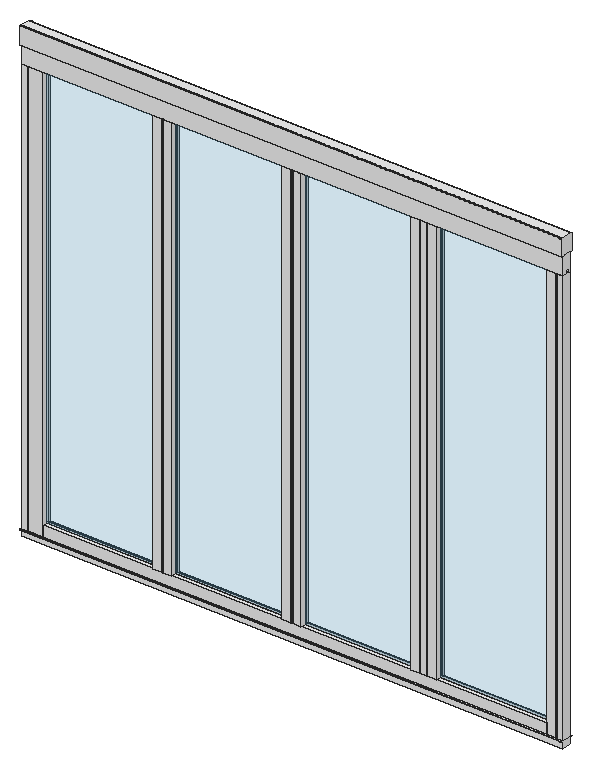
Revit family "Window-NanaWall-HSW-60", category Windows, host Wall, Revit 2013 (continued)
Definition of nested family "Header_HSW60"
  Definition of nested family "Headtop_HSW60"
    Lines and regions (in)
      model lines, style "DetailComponents", in view "Ref. Level"
        curve 180: arc (0.61133, -1.40014, 0) -> (0.63443, -1.45591, 0) -> (0.69021, -1.47902, 0) r 0.07888
        curve 181: arc (0.84797, -1.4593, 0) -> (0.83064, -1.41746, 0) -> (0.78881, -1.40014, 0) r 0.05916
        curve 182: arc (0.77051, -1.12405, 0) -> (0.83548, -1.24796, 0) -> (0.96629, -1.29759, 0) r 0.1972
        curve 183: arc (0.63747, -2.81967, 0) -> (0.61183, -2.83232, 0) -> (0.60147, -2.85896, 0) r 0.03944
        curve 184: arc (0.60147, -2.87915, 0) -> (0.60724, -2.8931, 0) -> (0.62119, -2.89887, 0) r 0.01972
        curve 185: arc (0.63747, -3.45072, 0) -> (0.61183, -3.46336, 0) -> (0.60147, -3.49001, 0) r 0.03944
        curve 186: arc (0.60147, -3.56936, 0) -> (0.60724, -3.58331, 0) -> (0.62119, -3.58908, 0) r 0.01972
        curve 187: arc (0.46985, -4.13144, 0) -> (0.44421, -4.14408, 0) -> (0.43385, -4.17073, 0) r 0.03944
        curve 188: arc (1.26209, -4.35817, 0) -> (1.27604, -4.35239, 0) -> (1.28181, -4.33845, 0) r 0.01972
        curve 189: arc (0.84797, -4.27929, 0) -> (0.71979, -4.20041, 0) -> (0.59161, -4.27929, 0) r 0.14359
        curve 190: arc (0.43385, -4.47649, 0) -> (0.4454, -4.50438, 0) -> (0.47329, -4.51593, 0) r 0.03944
        curve 191: line (-1.24237, -0.60799, 0) -> (-1.24237, -0.56005, 0)
        curve 192: line (-1.24237, -0.56005, 0) -> (-1.26209, -0.56005, 0)
        curve 193: line (-1.41789, -0.41135, 0) -> (-1.41986, -0.43385, 0)
        curve 194: line (-1.41986, -0.43385, 0) -> (-1.51057, -0.43385, 0)
        curve 195: line (-1.51057, -0.43385, 0) -> (-1.51057, -0.26622, 0)
        curve 196: line (-1.51057, -0.26622, 0) -> (-1.28181, -0.26622, 0)
        curve 197: line (-1.28181, -0.26622, 0) -> (-1.28181, -0.36285, 0)
        curve 198: line (-1.14984, -0.40676, 0) -> (-1.2359, -0.32341, 0)
        curve 199: line (-1.2359, -0.32341, 0) -> (-1.24237, -0.32341, 0)
        curve 200: line (-1.24237, -0.32341, 0) -> (-1.24237, -0.38257, 0)
        curve 201: line (-1.24237, -0.38257, 0) -> (-1.26209, -0.38257, 0)
        curve 202: line (-1.28181, -0.57977, 0) -> (-1.28181, -0.66063, 0)
        curve 203: line (-1.28181, -0.66063, 0) -> (-1.51057, -0.66063, 0)
        curve 204: line (-1.51057, -0.66063, 0) -> (-1.51057, -0.49301, 0)
        curve 205: line (-1.51057, -0.49301, 0) -> (-1.41986, -0.49301, 0)
        curve 206: line (-1.41986, -0.49301, 0) -> (-1.41789, -0.5155, 0)
        curve 207: line (-1.40443, -0.52037, 0) -> (-1.35624, -0.47176, 0)
        curve 208: line (-1.35624, -0.4551, 0) -> (-1.40443, -0.40649, 0)
        curve 209: line (-1.23846, -0.60592, 0) -> (-1.14984, -0.52009, 0)
        curve 210: line (1.24237, -0.60799, 0) -> (1.24237, -0.56005, 0)
        curve 211: line (1.24237, -0.56005, 0) -> (1.26209, -0.56005, 0)
        curve 212: line (1.41789, -0.41135, 0) -> (1.41986, -0.43385, 0)
        curve 213: line (1.41986, -0.43385, 0) -> (1.51057, -0.43385, 0)
        curve 214: line (1.51057, -0.43385, 0) -> (1.51057, -0.26622, 0)
        curve 215: line (1.51057, -0.26622, 0) -> (1.28181, -0.26622, 0)
        curve 216: line (1.28181, -0.26622, 0) -> (1.28181, -0.36285, 0)
        curve 217: line (1.14984, -0.40676, 0) -> (1.2359, -0.32341, 0)
        curve 218: line (1.2359, -0.32341, 0) -> (1.24237, -0.32341, 0)
        curve 219: line (1.24237, -0.32341, 0) -> (1.24237, -0.38257, 0)
        curve 220: line (1.24237, -0.38257, 0) -> (1.26209, -0.38257, 0)
        curve 221: line (1.28181, -0.57977, 0) -> (1.28181, -0.66063, 0)
        curve 222: line (1.28181, -0.66063, 0) -> (1.51057, -0.66063, 0)
        curve 223: line (1.51057, -0.66063, 0) -> (1.51057, -0.49301, 0)
        curve 224: line (1.51057, -0.49301, 0) -> (1.41986, -0.49301, 0)
        curve 225: line (1.41986, -0.49301, 0) -> (1.41789, -0.5155, 0)
        curve 226: line (1.40443, -0.52037, 0) -> (1.35624, -0.47176, 0)
        curve 227: line (1.35624, -0.4551, 0) -> (1.40443, -0.40649, 0)
        curve 228: line (1.23846, -0.60592, 0) -> (1.14984, -0.52009, 0)
        curve 229: line (1.40445, -4.15004, 0) -> (1.35625, -4.19854, 0)
        curve 230: line (1.35625, -4.21522, 0) -> (1.40445, -4.26371, 0)
        curve 231: line (1.4179, -4.25884, 0) -> (1.41986, -4.23646, 0)
        curve 232: line (1.41986, -4.23646, 0) -> (1.51057, -4.23646, 0)
        curve 233: line (1.51057, -4.23646, 0) -> (1.51057, -4.51254, 0)
        curve 234: line (1.53029, -4.53226, 0) -> (1.5579, -4.53226, 0)
        curve 235: line (1.57762, -4.51254, 0) -> (1.57762, -0.15437, 0)
        curve 236: line (1.5579, -0.13465, 0) -> (1.53029, -0.13465, 0)
        curve 237: line (1.51057, -0.15437, 0) -> (1.51057, -0.43045, 0)
        curve 238: line (1.51057, -0.43045, 0) -> (1.41986, -0.43045, 0)
        curve 239: line (1.41986, -0.43045, 0) -> (1.4179, -0.40807, 0)
        curve 240: line (1.40445, -0.4032, 0) -> (1.35625, -0.45169, 0)
        curve 241: line (1.35625, -0.46838, 0) -> (1.40445, -0.51687, 0)
        curve 242: line (1.4179, -0.51199, 0) -> (1.41986, -0.48961, 0)
        curve 243: line (1.41986, -0.48961, 0) -> (1.51057, -0.48961, 0)
        curve 244: line (1.51057, -0.48961, 0) -> (1.51057, -2.10239, 0)
        curve 245: line (1.51057, -2.10239, 0) -> (1.43447, -2.12278, 0)
        curve 246: line (1.41986, -2.14183, 0) -> (1.41986, -2.17767, 0)
        curve 247: line (1.42979, -2.18529, 0) -> (1.50064, -2.1663, 0)
        curve 248: line (1.51057, -2.17392, 0) -> (1.51057, -2.49299, 0)
        curve 249: line (1.50064, -2.50061, 0) -> (1.42979, -2.48163, 0)
        curve 250: line (1.41986, -2.48925, 0) -> (1.41986, -2.52508, 0)
        curve 251: line (1.43447, -2.54413, 0) -> (1.51057, -2.56452, 0)
        curve 252: line (1.51057, -2.56452, 0) -> (1.51057, -4.1773, 0)
        curve 253: line (1.51057, -4.1773, 0) -> (1.41986, -4.1773, 0)
        curve 254: line (1.41986, -4.1773, 0) -> (1.4179, -4.15492, 0)
        curve 255: line (-1.40445, -4.15004, 0) -> (-1.35625, -4.19854, 0)
        curve 256: line (-1.35625, -4.21522, 0) -> (-1.40445, -4.26371, 0)
        curve 257: line (-1.4179, -4.25884, 0) -> (-1.41986, -4.23646, 0)
        curve 258: line (-1.41986, -4.23646, 0) -> (-1.51057, -4.23646, 0)
        curve 259: line (-1.51057, -4.23646, 0) -> (-1.51057, -4.51254, 0)
        curve 260: line (-1.53029, -4.53226, 0) -> (-1.5579, -4.53226, 0)
        curve 261: line (-1.57762, -4.51254, 0) -> (-1.57762, -0.15437, 0)
        curve 262: line (-1.5579, -0.13465, 0) -> (-1.53029, -0.13465, 0)
        curve 263: line (-1.51057, -0.15437, 0) -> (-1.51057, -0.43045, 0)
        curve 264: line (-1.51057, -0.43045, 0) -> (-1.41986, -0.43045, 0)
        curve 265: line (-1.41986, -0.43045, 0) -> (-1.4179, -0.40807, 0)
        curve 266: line (-1.40445, -0.4032, 0) -> (-1.35625, -0.45169, 0)
        curve 267: line (-1.35625, -0.46838, 0) -> (-1.40445, -0.51687, 0)
        curve 268: line (-1.4179, -0.51199, 0) -> (-1.41986, -0.48961, 0)
        curve 269: line (-1.41986, -0.48961, 0) -> (-1.51057, -0.48961, 0)
        curve 270: line (-1.51057, -0.48961, 0) -> (-1.51057, -2.10239, 0)
        curve 271: line (-1.51057, -2.10239, 0) -> (-1.43447, -2.12278, 0)
        curve 272: line (-1.41986, -2.14183, 0) -> (-1.41986, -2.17767, 0)
        curve 273: line (-1.42979, -2.18529, 0) -> (-1.50064, -2.1663, 0)
        curve 274: line (-1.51057, -2.17392, 0) -> (-1.51057, -2.49299, 0)
        curve 275: line (-1.50064, -2.50061, 0) -> (-1.42979, -2.48163, 0)
        curve 276: line (-1.41986, -2.48925, 0) -> (-1.41986, -2.52508, 0)
        curve 277: line (-1.43447, -2.54413, 0) -> (-1.51057, -2.56452, 0)
        curve 278: line (-1.51057, -2.56452, 0) -> (-1.51057, -4.1773, 0)
        curve 279: line (-1.51057, -4.1773, 0) -> (-1.41986, -4.1773, 0)
        curve 280: line (-1.41986, -4.1773, 0) -> (-1.4179, -4.15492, 0)
        curve 281: line (-0.62513, -4.37, 0) -> (-0.62513, -4.3069, 0)
        curve 282: line (-0.62513, -4.3069, 0) -> (-0.61193, -4.30457, 0)
        curve 283: line (-1.28181, -4.35817, 0) -> (-1.28181, -4.25957, 0)
        curve 284: line (-1.28181, -4.25957, 0) -> (-1.19307, -4.25957, 0)
        curve 285: line (-1.19307, -4.16097, 0) -> (-1.28181, -4.16097, 0)
        curve 286: line (-1.28181, -4.16097, 0) -> (-1.29938, -4.02048, 0)
        curve 287: line (-0.82765, -4.30457, 0) -> (-0.81445, -4.3069, 0)
        curve 288: line (-0.81445, -4.3069, 0) -> (-0.81445, -4.37, 0)
        curve 289: line (-1.31894, -4.00321, 0) -> (-1.5086, -4.00321, 0)
        curve 290: line (-1.5086, -4.00321, 0) -> (-1.5086, -4.05251, 0)
        curve 291: line (-1.5086, -4.05251, 0) -> (-1.48956, -4.16045, 0)
        curve 292: line (-1.47014, -4.17674, 0) -> (-1.42577, -4.17674, 0)
        curve 293: line (-1.42183, -4.15505, 0) -> (-1.42183, -4.1728, 0)
        curve 294: line (-1.34705, -4.19437, 0) -> (-1.40927, -4.14869, 0)
        curve 295: line (-1.40927, -4.27184, 0) -> (-1.34705, -4.22617, 0)
        curve 296: line (-1.42183, -4.24774, 0) -> (-1.42183, -4.26549, 0)
        curve 297: line (-1.47014, -4.24379, 0) -> (-1.42577, -4.24379, 0)
        curve 298: line (-1.5086, -4.51593, 0) -> (-1.5086, -4.36803, 0)
        curve 299: line (-1.5086, -4.36803, 0) -> (-1.48956, -4.26009, 0)
        curve 300: line (-1.48888, -4.53565, 0) -> (-1.18321, -4.53565, 0)
        curve 301: line (-1.00573, -4.49621, 0) -> (-0.94657, -4.49621, 0)
        curve 302: line (-0.94657, -4.49621, 0) -> (-0.94657, -4.44494, 0)
        curve 303: line (-0.94657, -4.44494, 0) -> (-1.24237, -4.44494, 0)
        curve 304: line (-1.24237, -4.44494, 0) -> (-1.24237, -4.49621, 0)
        curve 305: line (-1.24237, -4.49621, 0) -> (-1.18321, -4.49621, 0)
        curve 306: line (-1.00573, -4.53565, 0) -> (-0.80793, -4.53565, 0)
        curve 307: line (-0.63105, -4.49621, 0) -> (-0.57189, -4.49621, 0)
        curve 308: line (-0.57189, -4.49621, 0) -> (-0.57189, -4.44494, 0)
        curve 309: line (-0.57189, -4.44494, 0) -> (-0.86769, -4.44494, 0)
        curve 310: line (-0.86769, -4.44494, 0) -> (-0.86769, -4.49621, 0)
        curve 311: line (-0.86769, -4.49621, 0) -> (-0.80853, -4.49621, 0)
        curve 312: line (-0.63105, -4.53565, 0) -> (-0.53047, -4.53565, 0)
        curve 313: line (-0.51075, -4.51593, 0) -> (-0.51075, -4.37789, 0)
        curve 314: line (-0.53047, -4.35817, 0) -> (-0.54625, -4.35817, 0)
        curve 315: line (-0.54625, -4.35817, 0) -> (-0.6151, -4.37759, 0)
        curve 316: line (-0.60892, -4.29024, 0) -> (-0.70883, -4.22345, 0)
        curve 317: line (-0.73075, -4.22345, 0) -> (-0.83066, -4.29024, 0)
        curve 318: line (-0.94488, -4.38606, 0) -> (-0.91699, -4.35817, 0)
        curve 319: line (-0.91699, -4.35817, 0) -> (-0.89333, -4.35817, 0)
        curve 320: line (-0.89333, -4.35817, 0) -> (-0.82448, -4.37759, 0)
        curve 321: line (-0.97277, -4.39761, 0) -> (-1.24237, -4.39761, 0)
        curve 322: line (-1.42972, -4.47649, 0) -> (-1.3607, -4.47649, 0)
        curve 323: line (-1.44944, -4.41733, 0) -> (-1.44944, -4.45677, 0)
        curve 324: line (-1.3607, -4.39761, 0) -> (-1.42972, -4.39761, 0)
        curve 325: line (-1.34098, -4.45677, 0) -> (-1.34098, -4.41733, 0)
        curve 326: line (-0.77501, -4.35817, 0) -> (-0.66457, -4.35817, 0)
        curve 327: line (-0.72417, -4.25701, 0) -> (-0.78289, -4.29627, 0)
        curve 328: line (-0.78289, -4.29627, 0) -> (-0.78289, -4.35028, 0)
        curve 329: line (-0.65668, -4.35028, 0) -> (-0.65668, -4.29627, 0)
        curve 330: line (-0.65668, -4.29627, 0) -> (-0.7154, -4.25701, 0)
        curve 331: line (0.62513, -4.37, 0) -> (0.62513, -4.3069, 0)
        curve 332: line (0.62513, -4.3069, 0) -> (0.61193, -4.30457, 0)
        curve 333: line (1.28181, -4.35817, 0) -> (1.28181, -4.25957, 0)
        curve 334: line (1.28181, -4.25957, 0) -> (1.19307, -4.25957, 0)
        curve 335: line (1.19307, -4.16097, 0) -> (1.28181, -4.16097, 0)
        curve 336: line (1.28181, -4.16097, 0) -> (1.29938, -4.02048, 0)
        curve 337: line (0.82765, -4.30457, 0) -> (0.81445, -4.3069, 0)
        curve 338: line (0.81445, -4.3069, 0) -> (0.81445, -4.37, 0)
        curve 339: line (1.31894, -4.00321, 0) -> (1.5086, -4.00321, 0)
        curve 340: line (1.5086, -4.00321, 0) -> (1.5086, -4.05251, 0)
        curve 341: line (1.5086, -4.05251, 0) -> (1.48956, -4.16045, 0)
        curve 342: line (1.47014, -4.17674, 0) -> (1.42577, -4.17674, 0)
        curve 343: line (1.42183, -4.15505, 0) -> (1.42183, -4.1728, 0)
        curve 344: line (1.34705, -4.19437, 0) -> (1.40927, -4.14869, 0)
        curve 345: line (1.40927, -4.27184, 0) -> (1.34705, -4.22617, 0)
        curve 346: line (1.42183, -4.24774, 0) -> (1.42183, -4.26549, 0)
        curve 347: line (1.47014, -4.24379, 0) -> (1.42577, -4.24379, 0)
        curve 348: line (1.5086, -4.51593, 0) -> (1.5086, -4.36803, 0)
        curve 349: line (1.5086, -4.36803, 0) -> (1.48956, -4.26009, 0)
        curve 350: line (1.48888, -4.53565, 0) -> (1.18321, -4.53565, 0)
        curve 351: line (1.00573, -4.49621, 0) -> (0.94657, -4.49621, 0)
        curve 352: line (0.94657, -4.49621, 0) -> (0.94657, -4.44494, 0)
        curve 353: line (0.94657, -4.44494, 0) -> (1.24237, -4.44494, 0)
        curve 354: line (1.24237, -4.44494, 0) -> (1.24237, -4.49621, 0)
        curve 355: line (1.24237, -4.49621, 0) -> (1.18321, -4.49621, 0)
        curve 356: line (1.00573, -4.53565, 0) -> (0.80789, -4.53565, 0)
        curve 357: line (0.63105, -4.49621, 0) -> (0.57189, -4.49621, 0)
        curve 358: line (0.57189, -4.49621, 0) -> (0.57189, -4.44494, 0)
        curve 359: line (0.57189, -4.44494, 0) -> (0.86769, -4.44494, 0)
        curve 360: line (0.86769, -4.44494, 0) -> (0.86769, -4.49621, 0)
        curve 361: line (0.86769, -4.49621, 0) -> (0.80853, -4.49621, 0)
        curve 362: line (0.6311, -4.53565, 0) -> (0.53047, -4.53565, 0)
        curve 363: line (0.51075, -4.51593, 0) -> (0.51075, -4.37789, 0)
        curve 364: line (0.53047, -4.35817, 0) -> (0.54625, -4.35817, 0)
        curve 365: line (0.54625, -4.35817, 0) -> (0.6151, -4.37759, 0)
        curve 366: line (0.60892, -4.29024, 0) -> (0.70883, -4.22345, 0)
        curve 367: line (0.73075, -4.22345, 0) -> (0.83066, -4.29024, 0)
        curve 368: line (0.94488, -4.38606, 0) -> (0.91699, -4.35817, 0)
        curve 369: line (0.91699, -4.35817, 0) -> (0.89333, -4.35817, 0)
        curve 370: line (0.89333, -4.35817, 0) -> (0.82448, -4.37759, 0)
        curve 371: line (0.97277, -4.39761, 0) -> (1.24237, -4.39761, 0)
        curve 372: line (1.42972, -4.47649, 0) -> (1.3607, -4.47649, 0)
        curve 373: line (1.44944, -4.41733, 0) -> (1.44944, -4.45677, 0)
        curve 374: line (1.3607, -4.39761, 0) -> (1.42972, -4.39761, 0)
        curve 375: line (1.34098, -4.45677, 0) -> (1.34098, -4.41733, 0)
        curve 376: line (0.77501, -4.35817, 0) -> (0.66457, -4.35817, 0)
        curve 377: line (0.72417, -4.25701, 0) -> (0.78289, -4.29627, 0)
        curve 378: line (0.78289, -4.29627, 0) -> (0.78289, -4.35028, 0)
        curve 379: line (0.65668, -4.35028, 0) -> (0.65668, -4.29627, 0)
        curve 380: line (0.65668, -4.29627, 0) -> (0.7154, -4.25701, 0)
        curve 381: line (-1.41986, -2.23486, 0) -> (-1.33309, -2.23486, 0)
        curve 382: line (-1.33309, -2.23486, 0) -> (-1.33309, -2.43206, 0)
        curve 383: line (-1.33309, -2.43206, 0) -> (-1.41986, -2.43206, 0)
        curve 384: line (-1.41986, -2.13625, 0) -> (-1.41986, -2.18879, 0)
        curve 385: line (-1.41986, -2.18879, 0) -> (-1.49085, -2.16976, 0)
        curve 386: line (-1.49085, -2.16976, 0) -> (-1.49085, -2.49715, 0)
        curve 387: line (-1.49085, -2.49715, 0) -> (-1.41986, -2.47813, 0)
        curve 388: line (-1.41986, -2.47813, 0) -> (-1.41986, -2.53066, 0)
        curve 389: line (-1.41986, -2.53066, 0) -> (-1.29365, -2.48472, 0)
        curve 390: line (-1.29365, -2.48472, 0) -> (-1.29365, -2.18219, 0)
        curve 391: line (-1.29365, -2.18219, 0) -> (-1.41986, -2.13625, 0)
        curve 392: line (-1.43958, -2.41234, 0) -> (-1.43958, -2.25458, 0)
        curve 393: line (1.41986, -2.23486, 0) -> (1.33309, -2.23486, 0)
        curve 394: line (1.33309, -2.23486, 0) -> (1.33309, -2.43206, 0)
        curve 395: line (1.33309, -2.43206, 0) -> (1.41986, -2.43206, 0)
        curve 396: line (1.41986, -2.13625, 0) -> (1.41986, -2.18879, 0)
        curve 397: line (1.41986, -2.18879, 0) -> (1.49085, -2.16976, 0)
        curve 398: line (1.49085, -2.16976, 0) -> (1.49085, -2.49715, 0)
        curve 399: line (1.49085, -2.49715, 0) -> (1.41986, -2.47813, 0)
        curve 400: line (1.41986, -2.47813, 0) -> (1.41986, -2.53066, 0)
        curve 401: line (1.41986, -2.53066, 0) -> (1.29365, -2.48472, 0)
        curve 402: line (1.29365, -2.48472, 0) -> (1.29365, -2.18219, 0)
        curve 403: line (1.29365, -2.18219, 0) -> (1.41986, -2.13625, 0)
        curve 404: line (1.43958, -2.41234, 0) -> (1.43958, -2.25458, 0)
        curve 405: line (-0.70243, -4.49621, 0) -> (-0.68728, -4.93006, 0)
        curve 406: line (-0.66773, -4.49621, 0) -> (-0.65257, -4.93006, 0)
        curve 407: line (-0.63302, -4.49621, 0) -> (-0.61787, -4.93006, 0)
        curve 408: line (-0.71979, -4.49621, 0) -> (-0.71979, -4.93006, 0)
        curve 409: line (-0.80656, -4.49621, 0) -> (-0.82171, -4.93006, 0)
        curve 410: line (-0.77185, -4.49621, 0) -> (-0.787, -4.93006, 0)
        curve 411: line (-0.73714, -4.49621, 0) -> (-0.75229, -4.93006, 0)
        curve 412: line (-0.86769, -4.44494, 0) -> (-0.86769, -4.49621, 0)
        curve 413: line (-0.86769, -4.49621, 0) -> (-0.57189, -4.49621, 0)
        curve 414: line (-0.57189, -4.49621, 0) -> (-0.57189, -4.44494, 0)
        curve 415: line (-0.57189, -4.44494, 0) -> (-0.86769, -4.44494, 0)
        curve 416: line (0.70167, -4.48949, 0) -> (0.69068, -4.92346, 0)
        curve 417: line (0.66696, -4.48982, 0) -> (0.65597, -4.92379, 0)
        curve 418: line (0.63226, -4.49015, 0) -> (0.62126, -4.92412, 0)
        curve 419: line (0.71902, -4.48932, 0) -> (0.72318, -4.92315, 0)
        curve 420: line (0.80579, -4.48849, 0) -> (0.82509, -4.92217, 0)
        curve 421: line (0.77108, -4.48882, 0) -> (0.79039, -4.9225, 0)
        curve 422: line (0.73637, -4.48915, 0) -> (0.75568, -4.92283, 0)
        curve 423: line (0.86643, -4.43663, 0) -> (0.86692, -4.4879, 0)
        curve 424: line (0.86692, -4.4879, 0) -> (0.57113, -4.49074, 0)
        curve 425: line (0.57113, -4.49074, 0) -> (0.57064, -4.43947, 0)
        curve 426: line (0.57064, -4.43947, 0) -> (0.86643, -4.43663, 0)
        curve 427: line (-0.19424, -2.08695, 0) -> (-0.19424, -1.49535, 0)
        curve 428: line (-0.19424, -1.49535, 0) -> (-0.19424, -2.08695, 0)
        curve 429: line (0.19424, -2.08695, 0) -> (0.19424, -1.49535, 0)
        curve 430: line (0.19424, -1.49535, 0) -> (0.19424, -2.08695, 0)
        curve 431: line (0.19326, -1.49535, 0) -> (0.12364, -1.49535, 0)
        curve 432: line (0.11832, -1.49535, 0) -> (-0.11832, -1.49535, 0)
        curve 433: line (-0.12357, -1.49535, 0) -> (-0.19326, -1.49535, 0)
        curve 434: line (-0.1972, -1.49535, 0) -> (-0.23664, -1.53479, 0)
        curve 435: line (-0.23664, -1.53479, 0) -> (-0.1972, -1.49535, 0)
        curve 436: line (0.23664, -2.08695, 0) -> (0.23664, -1.53479, 0)
        curve 437: line (0.23664, -1.53479, 0) -> (0.1972, -1.49535, 0)
        curve 438: line (0.1972, -1.49535, 0) -> (0.23664, -1.53479, 0)
        curve 439: line (0.23664, -1.53479, 0) -> (0.23664, -2.08695, 0)
        curve 440: line (-0.31552, -4.88723, 0) -> (-0.31552, -4.53226, 0)
        curve 441: line (-0.31552, -4.53226, 0) -> (-0.31552, -3.9801, 0)
        curve 442: line (-0.31552, -3.9801, 0) -> (-0.31552, -4.53226, 0)
        curve 443: line (-0.31552, -4.53226, 0) -> (-0.31552, -4.88723, 0)
        curve 444: line (0.31552, -4.88723, 0) -> (0.31552, -4.53226, 0)
        curve 445: line (0.31552, -4.53226, 0) -> (0.31552, -3.9801, 0)
        curve 446: line (0.31552, -3.9801, 0) -> (0.31552, -4.53226, 0)
        curve 447: line (0.31552, -4.53226, 0) -> (0.31552, -4.88723, 0)
        curve 448: line (-0.23664, -2.08695, 0) -> (-0.23664, -1.53479, 0)
        curve 449: line (-0.23664, -1.53479, 0) -> (-0.23664, -2.08695, 0)
        curve 450: line (-0.23664, -1.53479, 0) -> (0.23664, -1.53479, 0)
        curve 451: line (-0.19326, -1.49535, 0) -> (-0.19326, -1.33758, 0)
        curve 452: line (-0.19326, -1.33758, 0) -> (-0.19326, -1.49535, 0)
        curve 453: line (0.19326, -1.49535, 0) -> (0.19326, -1.33758, 0)
        curve 454: line (0.19326, -1.33758, 0) -> (0.19326, -1.49535, 0)
        curve 455: line (-0.37468, -1.32575, 0) -> (-0.37468, -1.11277, 0)
        curve 456: line (-0.37468, -1.11277, 0) -> (-0.37468, -1.32575, 0)
        curve 457: line (-0.37468, -1.32575, 0) -> (0.37468, -1.32575, 0)
        curve 458: line (0.37468, -1.32575, 0) -> (0.37468, -1.11277, 0)
        curve 459: line (0.37468, -1.11277, 0) -> (0.37468, -1.32575, 0)
        curve 460: line (-0.36285, -1.10094, 0) -> (-0.32854, -1.10094, 0)
        curve 461: line (-0.32854, -1.10094, 0) -> (-0.19326, -1.10094, 0)
        curve 462: line (-0.19326, -1.10094, 0) -> (-0.16959, -1.10094, 0)
        curve 463: line (-0.16959, -1.10094, 0) -> (0.16959, -1.10094, 0)
        curve 464: line (0.16959, -1.10094, 0) -> (0.19326, -1.10094, 0)
        curve 465: line (0.19326, -1.10094, 0) -> (0.32854, -1.10094, 0)
        curve 466: line (0.32854, -1.10094, 0) -> (0.36285, -1.10094, 0)
        curve 467: line (0.36285, -1.10094, 0) -> (0.32854, -1.10094, 0)
        curve 468: line (0.32854, -1.10094, 0) -> (0.19326, -1.10094, 0)
        curve 469: line (0.19326, -1.10094, 0) -> (0.16959, -1.10094, 0)
        curve 470: line (0.16959, -1.10094, 0) -> (-0.16959, -1.10094, 0)
        curve 471: line (-0.16959, -1.10094, 0) -> (-0.19326, -1.10094, 0)
        curve 472: line (-0.19326, -1.10094, 0) -> (-0.32854, -1.10094, 0)
        curve 473: line (-0.32854, -1.10094, 0) -> (-0.36285, -1.10094, 0)
        curve 474: line (0.36285, -1.33758, 0) -> (0.32854, -1.33758, 0)
        curve 475: line (0.32854, -1.33758, 0) -> (0.19326, -1.33758, 0)
        curve 476: line (0.19326, -1.33758, 0) -> (0.16959, -1.33758, 0)
        curve 477: line (0.16959, -1.33758, 0) -> (-0.16959, -1.33758, 0)
        curve 478: line (-0.16959, -1.33758, 0) -> (-0.19326, -1.33758, 0)
        curve 479: line (-0.19326, -1.33758, 0) -> (-0.32854, -1.33758, 0)
        curve 480: line (-0.32854, -1.33758, 0) -> (-0.36285, -1.33758, 0)
        curve 481: line (0.37468, -1.11277, 0) -> (-0.37468, -1.11277, 0)
        curve 482: line (-0.16762, -1.09897, 0) -> (-0.21692, -1.04967, 0)
        curve 483: line (-0.21692, -1.04967, 0) -> (-0.12029, -1.04967, 0)
        curve 484: line (-0.12029, -1.04967, 0) -> (-0.1122, -1.04967, 0)
        curve 485: line (-0.1122, -1.04967, 0) -> (0, -1.04967, 0)
        curve 486: line (0, -1.04967, 0) -> (0.1122, -1.04967, 0)
        curve 487: line (0.1122, -1.04967, 0) -> (0.12029, -1.04967, 0)
        curve 488: line (0.12029, -1.04967, 0) -> (0.21692, -1.04967, 0)
        curve 489: line (0.21692, -1.04967, 0) -> (0.16762, -1.09897, 0)
        curve 490: line (0.27272, -2.08695, 0) -> (0.27272, -2.225, 0)
        curve 491: line (0.27272, -2.225, 0) -> (-0.27272, -2.225, 0)
        curve 492: line (-0.27272, -2.225, 0) -> (-0.27272, -2.08695, 0)
        curve 493: line (0.46343, -2.08695, 0) -> (0.46343, -2.28416, 0)
        curve 494: line (0.46343, -2.28416, 0) -> (0.46343, -2.08695, 0)
        curve 495: line (0.46343, -2.08695, 0) -> (0.27272, -2.08695, 0)
        curve 496: line (0.27272, -2.08695, 0) -> (-0.27272, -2.08695, 0)
        curve 497: line (-0.27272, -2.08695, 0) -> (-0.46343, -2.08695, 0)
        curve 498: line (-0.46343, -2.08695, 0) -> (-0.46343, -2.28416, 0)
        curve 499: line (-0.46343, -2.28416, 0) -> (-0.46343, -2.08695, 0)
        curve 500: line (-0.29294, -3.66457, 0) -> (-0.41818, -3.44765, 0)
        curve 501: line (-0.41818, -3.44765, 0) -> (-0.29294, -3.66457, 0)
        curve 502: line (0.29294, -3.66457, 0) -> (0.41818, -3.44765, 0)
        curve 503: line (0.41818, -3.44765, 0) -> (0.29294, -3.66457, 0)
        curve 504: line (-0.46343, -2.97436, 0) -> (-0.46343, -2.75744, 0)
        curve 505: line (-0.46343, -2.75744, 0) -> (-0.46343, -2.97436, 0)
        curve 506: line (0.46343, -2.97436, 0) -> (0.46343, -2.75744, 0)
        curve 507: line (0.46343, -2.75744, 0) -> (0.46343, -2.97436, 0)
        curve 508: line (-0.69749, -3.66457, 0) -> (-0.49301, -3.66457, 0)
        curve 509: line (-0.48808, -3.66457, 0) -> (-0.44568, -3.66457, 0)
        curve 510: line (-0.44568, -3.66457, 0) -> (-0.42398, -3.66457, 0)
        curve 511: line (-0.42398, -3.66457, 0) -> (0.42398, -3.66457, 0)
        curve 512: line (0.42398, -3.66457, 0) -> (0.44568, -3.66457, 0)
        curve 513: line (0.44792, -3.66457, 0) -> (0.48799, -3.66457, 0)
        curve 514: line (0.49301, -3.66457, 0) -> (0.69749, -3.66457, 0)
        curve 515: line (-0.69749, -3.9801, 0) -> (-0.37468, -3.9801, 0)
        curve 516: line (-0.37468, -3.9801, 0) -> (0.37468, -3.9801, 0)
        curve 517: line (0.37468, -3.9801, 0) -> (0.69749, -3.9801, 0)
        curve 518: line (-0.77255, -3.92549, 0) -> (0.77255, -3.92549, 0)
        curve 519: line (-0.77255, -3.71918, 0) -> (0.77255, -3.71918, 0)
        curve 520: line (-0.96629, -2.28416, 0) -> (-0.98601, -2.30388, 0)
        curve 521: line (-0.98601, -2.30388, 0) -> (-0.98601, -2.69298, 0)
        curve 522: line (-0.98601, -2.69298, 0) -> (-0.94657, -2.73242, 0)
        curve 523: line (-0.94657, -2.73242, 0) -> (-0.66063, -2.75744, 0)
        curve 524: line (0.98601, -2.30388, 0) -> (0.98601, -2.69298, 0)
        curve 525: line (0.98601, -2.69298, 0) -> (0.94914, -2.72985, 0)
        curve 526: line (0.94914, -2.72985, 0) -> (0.98601, -2.69298, 0)
        curve 527: line (0.98601, -2.69298, 0) -> (0.98601, -2.30388, 0)
        curve 528: line (0.98601, -2.30388, 0) -> (0.96629, -2.28416, 0)
        curve 529: line (0.96629, -2.28416, 0) -> (0.98601, -2.30388, 0)
        curve 530: line (0.98601, -2.30388, 0) -> (-0.98601, -2.30388, 0)
        curve 531: line (-0.98601, -2.30388, 0) -> (-0.98601, -2.69298, 0)
        curve 532: line (-0.98601, -2.69298, 0) -> (-0.94657, -2.73242, 0)
        curve 533: line (-0.94657, -2.73242, 0) -> (-0.66063, -2.75744, 0)
        curve 534: line (-0.66063, -2.75744, 0) -> (0.63613, -2.75744, 0)
        curve 535: line (0.96629, -2.28416, 0) -> (0.78881, -2.28416, 0)
        curve 536: line (0.78881, -2.28416, 0) -> (0.46343, -2.28416, 0)
        curve 537: line (0.46343, -2.28416, 0) -> (-0.46343, -2.28416, 0)
        curve 538: line (-0.46343, -2.28416, 0) -> (-0.78881, -2.28416, 0)
        curve 539: line (-0.78881, -2.28416, 0) -> (-0.96629, -2.28416, 0)
        curve 540: line (-0.96629, -2.28416, 0) -> (-0.98601, -2.30388, 0)
        curve 541: line (0.98601, -2.69298, 0) -> (-0.98601, -2.69298, 0)
        curve 542: line (0.91975, -2.73242, 0) -> (-0.94657, -2.73242, 0)
        curve 543: line (0.98601, -2.99408, 0) -> (0.96629, -2.97436, 0)
        curve 544: line (0.96629, -2.97436, 0) -> (0.98601, -2.99408, 0)
        curve 545: line (0.98601, -2.99408, 0) -> (0.98601, -3.38319, 0)
        curve 546: line (0.98601, -3.38319, 0) -> (0.94657, -3.42263, 0)
        curve 547: line (0.94657, -3.42263, 0) -> (0.66063, -3.44765, 0)
        curve 548: line (-0.98601, -2.99408, 0) -> (0.98601, -2.99408, 0)
        curve 549: line (0.98601, -2.99408, 0) -> (0.98601, -3.38319, 0)
        curve 550: line (0.98601, -3.38319, 0) -> (0.94657, -3.42263, 0)
        curve 551: line (0.94657, -3.42263, 0) -> (0.66063, -3.44765, 0)
        curve 552: line (0.66063, -3.44765, 0) -> (0.46343, -3.44765, 0)
        curve 553: line (0.46343, -3.44765, 0) -> (0.41818, -3.44765, 0)
        curve 554: line (0.41818, -3.44765, 0) -> (-0.41818, -3.44765, 0)
        curve 555: line (-0.41818, -3.44765, 0) -> (-0.46343, -3.44765, 0)
        curve 556: line (-0.46343, -3.44765, 0) -> (-0.63613, -3.44765, 0)
        curve 557: line (0.96629, -2.97436, 0) -> (0.78881, -2.97436, 0)
        curve 558: line (0.78881, -2.97436, 0) -> (0.46343, -2.97436, 0)
        curve 559: line (0.46343, -2.97436, 0) -> (-0.46343, -2.97436, 0)
        curve 560: line (-0.46343, -2.97436, 0) -> (-0.78881, -2.97436, 0)
        curve 561: line (-0.78881, -2.97436, 0) -> (-0.96629, -2.97436, 0)
        curve 562: line (-0.96629, -2.97436, 0) -> (-0.98601, -2.99408, 0)
        curve 563: line (-0.98601, -2.99408, 0) -> (-0.98601, -3.38319, 0)
        curve 564: line (-0.98601, -3.38319, 0) -> (-0.94914, -3.42006, 0)
        curve 565: line (-0.94914, -3.42006, 0) -> (-0.98601, -3.38319, 0)
        curve 566: line (-0.98601, -3.38319, 0) -> (-0.98601, -2.99408, 0)
        curve 567: line (-0.98601, -2.99408, 0) -> (-0.96629, -2.97436, 0)
        curve 568: line (0.98601, -3.38319, 0) -> (-0.98601, -3.38319, 0)
        curve 569: line (0.94657, -3.42263, 0) -> (-0.91975, -3.42263, 0)
        curve 570: line (1.22467, -0.43252, 0) -> (1.1813, -0.43742, 0)
        curve 571: line (1.1813, -0.43742, 0) -> (1.1517, -0.45059, 0)
        curve 572: line (1.1517, -0.45059, 0) -> (1.14526, -0.46782, 0)
        curve 573: line (1.14526, -0.46782, 0) -> (1.16404, -0.48367, 0)
        curve 574: line (1.16404, -0.48367, 0) -> (1.20207, -0.49308, 0)
        curve 575: line (1.20207, -0.49308, 0) -> (1.24727, -0.49308, 0)
        curve 576: line (1.24727, -0.49308, 0) -> (1.28529, -0.48367, 0)
        curve 577: line (1.28529, -0.48367, 0) -> (1.30407, -0.46782, 0)
        curve 578: line (1.30407, -0.46782, 0) -> (1.29764, -0.45059, 0)
        curve 579: line (1.29764, -0.45059, 0) -> (1.26804, -0.43742, 0)
        curve 580: line (1.26804, -0.43742, 0) -> (1.22467, -0.43252, 0)
        curve 581: line (-1.22467, -0.43252, 0) -> (-1.1813, -0.43742, 0)
        curve 582: line (-1.1813, -0.43742, 0) -> (-1.1517, -0.45059, 0)
        curve 583: line (-1.1517, -0.45059, 0) -> (-1.14526, -0.46782, 0)
        curve 584: line (-1.14526, -0.46782, 0) -> (-1.16404, -0.48367, 0)
        curve 585: line (-1.16404, -0.48367, 0) -> (-1.20207, -0.49308, 0)
        curve 586: line (-1.20207, -0.49308, 0) -> (-1.24727, -0.49308, 0)
        curve 587: line (-1.24727, -0.49308, 0) -> (-1.28529, -0.48367, 0)
        curve 588: line (-1.28529, -0.48367, 0) -> (-1.30407, -0.46782, 0)
        curve 589: line (-1.30407, -0.46782, 0) -> (-1.29764, -0.45059, 0)
        curve 590: line (-1.29764, -0.45059, 0) -> (-1.26804, -0.43742, 0)
        curve 591: line (-1.26804, -0.43742, 0) -> (-1.22467, -0.43252, 0)
        curve 592: line (1.28181, -4.33845, 0) -> (1.28181, -4.28126, 0)
        curve 593: line (1.28181, -4.28126, 0) -> (1.26209, -4.26154, 0)
        curve 594: line (1.25657, -4.26154, 0) -> (1.24632, -4.27929, 0)
        curve 595: line (1.24632, -4.27929, 0) -> (1.23607, -4.26154, 0)
        curve 596: line (1.23607, -4.26154, 0) -> (1.20648, -4.26154, 0)
        curve 597: line (1.20648, -4.26154, 0) -> (1.19623, -4.27929, 0)
        curve 598: line (1.19623, -4.27929, 0) -> (1.18598, -4.26154, 0)
        curve 599: line (1.18598, -4.26154, 0) -> (1.15639, -4.26154, 0)
        curve 600: line (1.15639, -4.26154, 0) -> (1.14614, -4.27929, 0)
        curve 601: line (1.14614, -4.27929, 0) -> (1.13589, -4.26154, 0)
        curve 602: line (1.13589, -4.26154, 0) -> (1.1063, -4.26154, 0)
        curve 603: line (1.1063, -4.26154, 0) -> (1.09605, -4.27929, 0)
        curve 604: line (1.09605, -4.27929, 0) -> (1.0858, -4.26154, 0)
        curve 605: line (1.0858, -4.26154, 0) -> (1.05621, -4.26154, 0)
        curve 606: line (1.05621, -4.26154, 0) -> (1.04596, -4.27929, 0)
        curve 607: line (1.04596, -4.27929, 0) -> (1.03571, -4.26154, 0)
        curve 608: line (1.03571, -4.26154, 0) -> (1.00573, -4.26154, 0)
        curve 609: line (1.08491, -4.159, 0) -> (1.11085, -4.159, 0)
        curve 610: line (1.11085, -4.159, 0) -> (1.1211, -4.14125, 0)
        curve 611: line (1.1211, -4.14125, 0) -> (1.13134, -4.159, 0)
        curve 612: line (1.13134, -4.159, 0) -> (1.16094, -4.159, 0)
        curve 613: line (1.16094, -4.159, 0) -> (1.17118, -4.14125, 0)
        curve 614: line (1.17118, -4.14125, 0) -> (1.18143, -4.159, 0)
        curve 615: line (1.18143, -4.159, 0) -> (1.21103, -4.159, 0)
        curve 616: line (1.21103, -4.159, 0) -> (1.22127, -4.14125, 0)
        curve 617: line (1.22127, -4.14125, 0) -> (1.23152, -4.159, 0)
        curve 618: line (1.23152, -4.159, 0) -> (1.26209, -4.159, 0)
        curve 619: line (1.26209, -4.159, 0) -> (1.28181, -4.13928, 0)
        curve 620: line (1.28181, -4.13928, 0) -> (1.28181, -3.98948, 0)
        curve 621: line (1.28181, -3.98948, 0) -> (1.22265, -3.97363, 0)
        curve 622: line (1.22265, -3.97363, 0) -> (1.22265, -4.02884, 0)
        curve 623: line (1.22265, -4.02884, 0) -> (0.96629, -4.02884, 0)
        curve 624: line (0.96629, -4.02884, 0) -> (0.96629, -3.84622, 0)
        curve 625: line (0.96629, -3.84622, 0) -> (0.95446, -3.82572, 0)
        curve 626: line (0.95446, -3.82572, 0) -> (0.96629, -3.80523, 0)
        curve 627: line (0.96629, -3.80523, 0) -> (0.96629, -3.62261, 0)
        curve 628: line (0.96629, -3.62261, 0) -> (1.22265, -3.62261, 0)
        curve 629: line (1.22265, -3.62261, 0) -> (1.22265, -3.67782, 0)
        curve 630: line (1.22265, -3.67782, 0) -> (1.28181, -3.66197, 0)
        curve 631: line (1.28181, -3.66197, 0) -> (1.28181, -3.19545, 0)
        curve 632: line (1.28181, -3.19545, 0) -> (1.26998, -3.17496, 0)
        curve 633: line (1.26998, -3.17496, 0) -> (1.28181, -3.15446, 0)
        curve 634: line (1.28181, -3.15446, 0) -> (1.28181, -2.50524, 0)
        curve 635: line (1.28181, -2.50524, 0) -> (1.26998, -2.48475, 0)
        curve 636: line (1.26998, -2.48475, 0) -> (1.28181, -2.46426, 0)
        curve 637: line (1.28181, -2.46426, 0) -> (1.28181, -1.81503, 0)
        curve 638: line (1.28181, -1.81503, 0) -> (1.26998, -1.79454, 0)
        curve 639: line (1.26998, -1.79454, 0) -> (1.28181, -1.77405, 0)
        curve 640: line (1.28181, -1.77405, 0) -> (1.28181, -1.06102, 0)
        curve 641: line (1.28181, -1.06102, 0) -> (1.22265, -1.04517, 0)
        curve 642: line (1.22265, -1.04517, 0) -> (1.22265, -1.10039, 0)
        curve 643: line (1.22265, -1.10039, 0) -> (0.96629, -1.10039, 0)
        curve 644: line (0.96629, -1.10039, 0) -> (0.96629, -0.91776, 0)
        curve 645: line (0.96629, -0.91776, 0) -> (0.95446, -0.89727, 0)
        curve 646: line (0.95446, -0.89727, 0) -> (0.96629, -0.87678, 0)
        curve 647: line (0.96629, -0.87678, 0) -> (0.96629, -0.69415, 0)
        curve 648: line (0.96629, -0.69415, 0) -> (1.22265, -0.69415, 0)
        curve 649: line (1.22265, -0.69415, 0) -> (1.22265, -0.74937, 0)
        curve 650: line (1.22265, -0.74937, 0) -> (1.28181, -0.73352, 0)
        curve 651: line (1.28181, -0.73352, 0) -> (1.28181, -0.56273, 0)
        curve 652: line (1.28181, -0.56273, 0) -> (1.24237, -0.55217, 0)
        curve 653: line (1.24237, -0.55217, 0) -> (1.24237, -0.59161, 0)
        curve 654: line (1.24237, -0.59161, 0) -> (1.02545, -0.59161, 0)
        curve 655: line (1.00573, -0.35496, 0) -> (1.00573, -0.57189, 0)
        curve 656: line (1.20293, -0.21692, 0) -> (1.20293, -0.05916, 0)
        curve 657: line (1.20293, -0.05916, 0) -> (1.18321, -0.05916, 0)
        curve 658: line (1.18321, -0.05916, 0) -> (1.19907, 0, 0)
        curve 659: line (1.19907, 0, 0) -> (1.28181, 0, 0)
        curve 660: line (1.28181, 0, 0) -> (1.28181, -0.36412, 0)
        curve 661: line (1.28181, -0.36412, 0) -> (1.24237, -0.37468, 0)
        curve 662: line (1.24237, -0.37468, 0) -> (1.24237, -0.33524, 0)
        curve 663: line (1.24237, -0.33524, 0) -> (1.02545, -0.33524, 0)
        curve 664: line (1.02545, -0.23664, 0) -> (1.18321, -0.23664, 0)
        curve 665: line (0.83403, -0.41432, 0) -> (0.8598, -0.38854, 0)
        curve 666: line (0.8598, -0.38854, 0) -> (0.8598, -0.33707, 0)
        curve 667: line (0.8598, -0.33707, 0) -> (0.88347, -0.32341, 0)
        curve 668: line (0.88347, -0.32341, 0) -> (0.8598, -0.30975, 0)
        curve 669: line (0.8598, -0.30975, 0) -> (0.8598, -0.27397, 0)
        curve 670: line (0.8598, -0.27397, 0) -> (0.88347, -0.26031, 0)
        curve 671: line (0.88347, -0.26031, 0) -> (0.8598, -0.24664, 0)
        curve 672: line (0.8598, -0.24664, 0) -> (0.8598, -0.21086, 0)
        curve 673: line (0.8598, -0.21086, 0) -> (0.88347, -0.1972, 0)
        curve 674: line (0.88347, -0.1972, 0) -> (0.8598, -0.18354, 0)
        curve 675: line (0.8598, -0.18354, 0) -> (0.8598, -0.14776, 0)
        curve 676: line (0.8598, -0.14776, 0) -> (0.88347, -0.1341, 0)
        curve 677: line (0.88347, -0.1341, 0) -> (0.8598, -0.12043, 0)
        curve 678: line (0.8598, -0.12043, 0) -> (0.8598, -0.08466, 0)
        curve 679: line (0.8598, -0.08466, 0) -> (0.88347, -0.07099, 0)
        curve 680: line (0.88347, -0.07099, 0) -> (0.8598, -0.05733, 0)
        curve 681: line (0.8598, -0.05127, 0) -> (0.91107, 0, 0)
        curve 682: line (0.91107, 0, 0) -> (1.0096, 0, 0)
        curve 683: line (1.0096, 0, 0) -> (1.02545, -0.05916, 0)
        curve 684: line (1.02545, -0.05916, 0) -> (1.00573, -0.05916, 0)
        curve 685: line (1.00573, -0.05916, 0) -> (1.00573, -0.21692, 0)
        curve 686: line (0.84668, -0.45486, 0) -> (0.83403, -0.4422, 0)
        curve 687: line (0.74359, -0.4422, 0) -> (0.73094, -0.45486, 0)
        curve 688: line (0.22678, 0, 0) -> (0.66654, 0, 0)
        curve 689: line (0.66654, 0, 0) -> (0.71782, -0.05127, 0)
        curve 690: line (0.71782, -0.05127, 0) -> (0.71782, -0.08888, 0)
        curve 691: line (0.71782, -0.08888, 0) -> (0.69415, -0.10255, 0)
        curve 692: line (0.69415, -0.10255, 0) -> (0.71782, -0.11621, 0)
        curve 693: line (0.71782, -0.11621, 0) -> (0.71782, -0.15199, 0)
        curve 694: line (0.71782, -0.15199, 0) -> (0.69415, -0.16565, 0)
        curve 695: line (0.69415, -0.16565, 0) -> (0.71782, -0.17931, 0)
        curve 696: line (0.71782, -0.17931, 0) -> (0.71782, -0.21509, 0)
        curve 697: line (0.71782, -0.21509, 0) -> (0.69415, -0.22875, 0)
        curve 698: line (0.69415, -0.22875, 0) -> (0.71782, -0.24242, 0)
        curve 699: line (0.71782, -0.24242, 0) -> (0.71782, -0.2782, 0)
        curve 700: line (0.71782, -0.2782, 0) -> (0.69415, -0.29186, 0)
        curve 701: line (0.69415, -0.29186, 0) -> (0.71782, -0.30552, 0)
        curve 702: line (0.71782, -0.30552, 0) -> (0.71782, -0.3413, 0)
        curve 703: line (0.71782, -0.3413, 0) -> (0.69415, -0.35496, 0)
        curve 704: line (0.69415, -0.35496, 0) -> (0.71782, -0.36863, 0)
        curve 705: line (0.71782, -0.36863, 0) -> (0.71782, -0.38854, 0)
        curve 706: line (0.71782, -0.38854, 0) -> (0.74359, -0.41432, 0)
        curve 707: line (0.20706, -0.01972, 0) -> (0.20706, -0.15776, 0)
        curve 708: line (0.20706, -0.15776, 0) -> (0.49301, -0.15776, 0)
        curve 709: line (0.51273, -0.35496, 0) -> (0.51273, -0.17748, 0)
        curve 710: line (0.36482, -0.37468, 0) -> (0.49301, -0.37468, 0)
        curve 711: line (0.3451, -0.47329, 0) -> (0.3451, -0.3944, 0)
        curve 712: line (0.49301, -0.49301, 0) -> (0.36482, -0.49301, 0)
        curve 713: line (0.51273, -0.57189, 0) -> (0.51273, -0.51273, 0)
        curve 714: line (-0.49301, -0.59161, 0) -> (-0.02049, -0.59161, 0)
        curve 715: line (-0.02049, -0.59161, 0) -> (0, -0.60344, 0)
        curve 716: line (0, -0.60344, 0) -> (0.02049, -0.59161, 0)
        curve 717: line (0.02049, -0.59161, 0) -> (0.49301, -0.59161, 0)
        curve 718: line (-0.51273, -0.51273, 0) -> (-0.51273, -0.57189, 0)
        curve 719: line (-0.36482, -0.49301, 0) -> (-0.49301, -0.49301, 0)
        curve 720: line (-0.3451, -0.3944, 0) -> (-0.3451, -0.47329, 0)
        curve 721: line (-0.49301, -0.37468, 0) -> (-0.36482, -0.37468, 0)
        curve 722: line (-0.51273, -0.17748, 0) -> (-0.51273, -0.35496, 0)
        curve 723: line (-0.20706, -0.01972, 0) -> (-0.20706, -0.15776, 0)
        curve 724: line (-0.20706, -0.15776, 0) -> (-0.49301, -0.15776, 0)
        curve 725: line (-0.22678, 0, 0) -> (-0.66654, 0, 0)
        curve 726: line (-0.66654, 0, 0) -> (-0.71782, -0.05127, 0)
        curve 727: line (-0.71782, -0.05127, 0) -> (-0.71782, -0.08888, 0)
        curve 728: line (-0.71782, -0.08888, 0) -> (-0.69415, -0.10255, 0)
        curve 729: line (-0.69415, -0.10255, 0) -> (-0.71782, -0.11621, 0)
        curve 730: line (-0.71782, -0.11621, 0) -> (-0.71782, -0.15199, 0)
        curve 731: line (-0.71782, -0.15199, 0) -> (-0.69415, -0.16565, 0)
        curve 732: line (-0.69415, -0.16565, 0) -> (-0.71782, -0.17931, 0)
        curve 733: line (-0.71782, -0.17931, 0) -> (-0.71782, -0.21509, 0)
        curve 734: line (-0.71782, -0.21509, 0) -> (-0.69415, -0.22875, 0)
        curve 735: line (-0.69415, -0.22875, 0) -> (-0.71782, -0.24242, 0)
        curve 736: line (-0.71782, -0.24242, 0) -> (-0.71782, -0.2782, 0)
        curve 737: line (-0.71782, -0.2782, 0) -> (-0.69415, -0.29186, 0)
        curve 738: line (-0.69415, -0.29186, 0) -> (-0.71782, -0.30552, 0)
        curve 739: line (-0.71782, -0.30552, 0) -> (-0.71782, -0.3413, 0)
        curve 740: line (-0.71782, -0.3413, 0) -> (-0.69415, -0.35496, 0)
        curve 741: line (-0.69415, -0.35496, 0) -> (-0.71782, -0.36863, 0)
        curve 742: line (-0.71782, -0.36863, 0) -> (-0.71782, -0.38854, 0)
        curve 743: line (-0.71782, -0.38854, 0) -> (-0.74359, -0.41432, 0)
        curve 744: line (-0.74359, -0.4422, 0) -> (-0.73094, -0.45486, 0)
        curve 745: line (-0.84668, -0.45486, 0) -> (-0.83403, -0.4422, 0)
        curve 746: line (-0.83403, -0.41432, 0) -> (-0.8598, -0.38854, 0)
        curve 747: line (-0.8598, -0.38854, 0) -> (-0.8598, -0.33707, 0)
        curve 748: line (-0.8598, -0.33707, 0) -> (-0.88347, -0.32341, 0)
        curve 749: line (-0.88347, -0.32341, 0) -> (-0.8598, -0.30975, 0)
        curve 750: line (-0.8598, -0.30975, 0) -> (-0.8598, -0.27397, 0)
        curve 751: line (-0.8598, -0.27397, 0) -> (-0.88347, -0.26031, 0)
        curve 752: line (-0.88347, -0.26031, 0) -> (-0.8598, -0.24664, 0)
        curve 753: line (-0.8598, -0.24664, 0) -> (-0.8598, -0.21086, 0)
        curve 754: line (-0.8598, -0.21086, 0) -> (-0.88347, -0.1972, 0)
        curve 755: line (-0.88347, -0.1972, 0) -> (-0.8598, -0.18354, 0)
        curve 756: line (-0.8598, -0.18354, 0) -> (-0.8598, -0.14776, 0)
        curve 757: line (-0.8598, -0.14776, 0) -> (-0.88347, -0.1341, 0)
        curve 758: line (-0.88347, -0.1341, 0) -> (-0.8598, -0.12043, 0)
        curve 759: line (-0.8598, -0.12043, 0) -> (-0.8598, -0.08466, 0)
        curve 760: line (-0.8598, -0.08466, 0) -> (-0.88347, -0.07099, 0)
        curve 761: line (-0.88347, -0.07099, 0) -> (-0.8598, -0.05733, 0)
        curve 762: line (-0.8598, -0.05127, 0) -> (-0.91107, 0, 0)
        curve 763: line (-0.91107, 0, 0) -> (-1.0096, 0, 0)
        curve 764: line (-1.0096, 0, 0) -> (-1.02545, -0.05916, 0)
        curve 765: line (-1.02545, -0.05916, 0) -> (-1.00573, -0.05916, 0)
        curve 766: line (-1.00573, -0.05916, 0) -> (-1.00573, -0.21692, 0)
        curve 767: line (-1.18321, -0.23664, 0) -> (-1.02545, -0.23664, 0)
        curve 768: line (-1.02545, -0.33524, 0) -> (-1.24237, -0.33524, 0)
        curve 769: line (-1.24237, -0.33524, 0) -> (-1.24237, -0.37468, 0)
        curve 770: line (-1.24237, -0.37468, 0) -> (-1.28181, -0.36412, 0)
        curve 771: line (-1.28181, -0.36412, 0) -> (-1.28181, 0, 0)
        curve 772: line (-1.28181, 0, 0) -> (-1.19907, 0, 0)
        curve 773: line (-1.19907, 0, 0) -> (-1.18321, -0.05916, 0)
        curve 774: line (-1.18321, -0.05916, 0) -> (-1.20293, -0.05916, 0)
        curve 775: line (-1.20293, -0.05916, 0) -> (-1.20293, -0.21692, 0)
        curve 776: line (-1.00573, -0.57189, 0) -> (-1.00573, -0.35496, 0)
        curve 777: line (-1.08491, -4.159, 0) -> (-1.11085, -4.159, 0)
        curve 778: line (-1.11085, -4.159, 0) -> (-1.1211, -4.14125, 0)
        curve 779: line (-1.1211, -4.14125, 0) -> (-1.13134, -4.159, 0)
        curve 780: line (-1.13134, -4.159, 0) -> (-1.16094, -4.159, 0)
        curve 781: line (-1.16094, -4.159, 0) -> (-1.17118, -4.14125, 0)
        curve 782: line (-1.17118, -4.14125, 0) -> (-1.18143, -4.159, 0)
        curve 783: line (-1.18143, -4.159, 0) -> (-1.21103, -4.159, 0)
        curve 784: line (-1.21103, -4.159, 0) -> (-1.22127, -4.14125, 0)
        curve 785: line (-1.22127, -4.14125, 0) -> (-1.23152, -4.159, 0)
        curve 786: line (-1.23152, -4.159, 0) -> (-1.26209, -4.159, 0)
        curve 787: line (-1.26209, -4.159, 0) -> (-1.28181, -4.13928, 0)
        curve 788: line (-1.28181, -4.13928, 0) -> (-1.28181, -3.98948, 0)
        curve 789: line (-1.28181, -3.98948, 0) -> (-1.22265, -3.97363, 0)
        curve 790: line (-1.22265, -3.97363, 0) -> (-1.22265, -4.02884, 0)
        curve 791: line (-1.22265, -4.02884, 0) -> (-0.96629, -4.02884, 0)
        curve 792: line (-0.96629, -4.02884, 0) -> (-0.96629, -3.84622, 0)
        curve 793: line (-0.96629, -3.84622, 0) -> (-0.95446, -3.82572, 0)
        curve 794: line (-0.95446, -3.82572, 0) -> (-0.96629, -3.80523, 0)
        curve 795: line (-0.96629, -3.80523, 0) -> (-0.96629, -3.62261, 0)
        curve 796: line (-0.96629, -3.62261, 0) -> (-1.22265, -3.62261, 0)
        curve 797: line (-1.22265, -3.62261, 0) -> (-1.22265, -3.67782, 0)
        curve 798: line (-1.22265, -3.67782, 0) -> (-1.28181, -3.66197, 0)
        curve 799: line (-1.28181, -3.66197, 0) -> (-1.28181, -3.19545, 0)
        curve 800: line (-1.28181, -3.19545, 0) -> (-1.26998, -3.17496, 0)
        curve 801: line (-1.26998, -3.17496, 0) -> (-1.28181, -3.15446, 0)
        curve 802: line (-1.28181, -3.15446, 0) -> (-1.28181, -2.50524, 0)
        curve 803: line (-1.28181, -2.50524, 0) -> (-1.26998, -2.48475, 0)
        curve 804: line (-1.26998, -2.48475, 0) -> (-1.28181, -2.46426, 0)
        curve 805: line (-1.28181, -2.46426, 0) -> (-1.28181, -1.81503, 0)
        curve 806: line (-1.28181, -1.81503, 0) -> (-1.26998, -1.79454, 0)
        curve 807: line (-1.26998, -1.79454, 0) -> (-1.28181, -1.77405, 0)
        curve 808: line (-1.28181, -1.77405, 0) -> (-1.28181, -1.20371, 0)
        curve 809: line (-1.28181, -1.20371, 0) -> (-1.26998, -1.18321, 0)
        curve 810: line (-1.26998, -1.18321, 0) -> (-1.28181, -1.16272, 0)
        curve 811: line (-1.28181, -1.16272, 0) -> (-1.28181, -1.06102, 0)
        curve 812: line (-1.28181, -1.06102, 0) -> (-1.22265, -1.04517, 0)
        curve 813: line (-1.22265, -1.04517, 0) -> (-1.22265, -1.10039, 0)
        curve 814: line (-1.22265, -1.10039, 0) -> (-0.96629, -1.10039, 0)
        curve 815: line (-0.96629, -1.10039, 0) -> (-0.96629, -0.91776, 0)
        curve 816: line (-0.96629, -0.91776, 0) -> (-0.95446, -0.89727, 0)
        curve 817: line (-0.95446, -0.89727, 0) -> (-0.96629, -0.87678, 0)
        curve 818: line (-0.96629, -0.87678, 0) -> (-0.96629, -0.69415, 0)
        curve 819: line (-0.96629, -0.69415, 0) -> (-1.22265, -0.69415, 0)
        curve 820: line (-1.22265, -0.69415, 0) -> (-1.22265, -0.74937, 0)
        curve 821: line (-1.22265, -0.74937, 0) -> (-1.28181, -0.73352, 0)
        curve 822: line (-1.28181, -0.73352, 0) -> (-1.28181, -0.56273, 0)
        curve 823: line (-1.28181, -0.56273, 0) -> (-1.24237, -0.55217, 0)
        curve 824: line (-1.24237, -0.55217, 0) -> (-1.24237, -0.59161, 0)
        curve 825: line (-1.24237, -0.59161, 0) -> (-1.02545, -0.59161, 0)
        curve 826: line (-1.28181, -4.33845, 0) -> (-1.28181, -4.28126, 0)
        curve 827: line (-1.28181, -4.28126, 0) -> (-1.26209, -4.26154, 0)
        curve 828: line (-1.25657, -4.26154, 0) -> (-1.24632, -4.27929, 0)
        curve 829: line (-1.24632, -4.27929, 0) -> (-1.23607, -4.26154, 0)
        curve 830: line (-1.23607, -4.26154, 0) -> (-1.20648, -4.26154, 0)
        curve 831: line (-1.20648, -4.26154, 0) -> (-1.19623, -4.27929, 0)
        curve 832: line (-1.19623, -4.27929, 0) -> (-1.18598, -4.26154, 0)
        curve 833: line (-1.18598, -4.26154, 0) -> (-1.15639, -4.26154, 0)
        curve 834: line (-1.15639, -4.26154, 0) -> (-1.14614, -4.27929, 0)
        curve 835: line (-1.14614, -4.27929, 0) -> (-1.13589, -4.26154, 0)
        curve 836: line (-1.13589, -4.26154, 0) -> (-1.1063, -4.26154, 0)
        curve 837: line (-1.1063, -4.26154, 0) -> (-1.09605, -4.27929, 0)
        curve 838: line (-1.09605, -4.27929, 0) -> (-1.0858, -4.26154, 0)
        curve 839: line (-1.0858, -4.26154, 0) -> (-1.05621, -4.26154, 0)
        curve 840: line (-1.05621, -4.26154, 0) -> (-1.04596, -4.27929, 0)
        curve 841: line (-1.04596, -4.27929, 0) -> (-1.03571, -4.26154, 0)
        curve 842: line (-1.03571, -4.26154, 0) -> (-1.00573, -4.26154, 0)
        curve 843: line (-0.84797, -4.27929, 0) -> (-0.84797, -4.31873, 0)
        curve 844: line (-0.84797, -4.31873, 0) -> (-0.80853, -4.31873, 0)
        curve 845: line (-0.80853, -4.31873, 0) -> (-0.8191, -4.35817, 0)
        curve 846: line (-0.8191, -4.35817, 0) -> (-1.26209, -4.35817, 0)
        curve 847: line (-0.47329, -4.51593, 0) -> (-0.50089, -4.51593, 0)
        curve 848: line (-0.50089, -4.51593, 0) -> (-0.50089, -4.35817, 0)
        curve 849: line (-0.50089, -4.35817, 0) -> (-0.62048, -4.35817, 0)
        curve 850: line (-0.62048, -4.35817, 0) -> (-0.63105, -4.31873, 0)
        curve 851: line (-0.63105, -4.31873, 0) -> (-0.59161, -4.31873, 0)
        curve 852: line (-0.59161, -4.31873, 0) -> (-0.59161, -4.27929, 0)
        curve 853: line (-0.43385, -4.17073, 0) -> (-0.43385, -4.47649, 0)
        curve 854: line (-0.77253, -4.10496, 0) -> (-0.46985, -4.13144, 0)
        curve 855: line (-0.80853, -3.62852, 0) -> (-0.80853, -4.06567, 0)
        curve 856: line (-0.62119, -3.58908, 0) -> (-0.76909, -3.58908, 0)
        curve 857: line (-0.60147, -3.54917, 0) -> (-0.60147, -3.56936, 0)
        curve 858: line (-1.04861, -3.47391, 0) -> (-0.63747, -3.50988, 0)
        curve 859: line (-1.08461, -2.93831, 0) -> (-1.08461, -3.43462, 0)
        curve 860: line (-0.62119, -2.89887, 0) -> (-1.04517, -2.89887, 0)
        curve 861: line (-0.60147, -2.7998, 0) -> (-0.60147, -2.87915, 0)
        curve 862: line (-1.04861, -2.72454, 0) -> (-0.63747, -2.76051, 0)
        curve 863: line (-1.08461, -1.37647, 0) -> (-1.08461, -2.68525, 0)
        curve 864: line (-0.96629, -1.29759, 0) -> (-1.00573, -1.29759, 0)
        curve 865: line (-0.77051, -1.12405, 0) -> (-0.69021, -1.12405, 0)
        curve 866: line (-0.69021, -1.12405, 0) -> (-0.69021, -1.40014, 0)
        curve 867: line (-0.69021, -1.40014, 0) -> (-0.78881, -1.40014, 0)
        curve 868: line (-0.84797, -1.4593, 0) -> (-0.84797, -1.47902, 0)
        curve 869: line (-0.84797, -1.47902, 0) -> (-0.69021, -1.47902, 0)
        curve 870: line (-0.61133, -1.40014, 0) -> (-0.61133, -1.04517, 0)
        curve 871: line (-0.63105, -1.02545, 0) -> (-0.76909, -1.02545, 0)
        curve 872: line (-0.76909, -1.02545, 0) -> (-0.76909, -0.88741, 0)
        curve 873: line (0.69021, -0.80853, 0) -> (0.02049, -0.80853, 0)
        curve 874: line (0.02049, -0.80853, 0) -> (0, -0.7967, 0)
        curve 875: line (0, -0.7967, 0) -> (-0.02049, -0.80853, 0)
        curve 876: line (-0.02049, -0.80853, 0) -> (-0.69021, -0.80853, 0)
        curve 877: line (0.63105, -1.02545, 0) -> (0.76909, -1.02545, 0)
        curve 878: line (0.76909, -1.02545, 0) -> (0.76909, -0.88741, 0)
        curve 879: line (0.61133, -1.04517, 0) -> (0.61133, -1.40014, 0)
        curve 880: line (0.69021, -1.47902, 0) -> (0.84797, -1.47902, 0)
        curve 881: line (0.84797, -1.47902, 0) -> (0.84797, -1.4593, 0)
        curve 882: line (0.78881, -1.40014, 0) -> (0.69021, -1.40014, 0)
        curve 883: line (0.69021, -1.40014, 0) -> (0.69021, -1.12405, 0)
        curve 884: line (0.69021, -1.12405, 0) -> (0.77051, -1.12405, 0)
        curve 885: line (1.00573, -1.29759, 0) -> (0.96629, -1.29759, 0)
        curve 886: line (1.08461, -2.74441, 0) -> (1.08461, -1.37647, 0)
        curve 887: line (0.63747, -2.81967, 0) -> (1.04861, -2.7837, 0)
        curve 888: line (0.60147, -2.87915, 0) -> (0.60147, -2.85896, 0)
        curve 889: line (1.04517, -2.89887, 0) -> (0.62119, -2.89887, 0)
        curve 890: line (1.08461, -3.37546, 0) -> (1.08461, -2.93831, 0)
        curve 891: line (0.63747, -3.45072, 0) -> (1.04861, -3.41475, 0)
        curve 892: line (0.60147, -3.56936, 0) -> (0.60147, -3.49001, 0)
        curve 893: line (0.76909, -3.58908, 0) -> (0.62119, -3.58908, 0)
        curve 894: line (0.80853, -4.06567, 0) -> (0.80853, -3.62852, 0)
        curve 895: line (0.46985, -4.13144, 0) -> (0.77253, -4.10496, 0)
        curve 896: line (1.26209, -4.35817, 0) -> (0.8191, -4.35817, 0)
        curve 897: line (0.8191, -4.35817, 0) -> (0.80853, -4.31873, 0)
        curve 898: line (0.80853, -4.31873, 0) -> (0.84797, -4.31873, 0)
        curve 899: line (0.84797, -4.31873, 0) -> (0.84797, -4.27929, 0)
        curve 900: line (0.59161, -4.27929, 0) -> (0.59161, -4.31873, 0)
        curve 901: line (0.59161, -4.31873, 0) -> (0.63105, -4.31873, 0)
        curve 902: line (0.63105, -4.31873, 0) -> (0.62048, -4.35817, 0)
        curve 903: line (0.62048, -4.35817, 0) -> (0.50089, -4.35817, 0)
        curve 904: line (0.50089, -4.35817, 0) -> (0.50089, -4.51593, 0)
        curve 905: line (0.50089, -4.51593, 0) -> (0.47329, -4.51593, 0)
        curve 906: line (0.43385, -4.47649, 0) -> (0.43385, -4.17073, 0)
        curve 907: arc (1.08491, -4.159, 0) -> (1.05974, -4.11822, 0) -> (1.01606, -4.09852, 0) r 0.08184
        curve 908: arc (0.85207, -0.56464, 0) -> (0.87055, -0.50871, 0) -> (0.84668, -0.45486, 0) r 0.08184
        curve 909: arc (-0.84668, -0.45486, 0) -> (-0.87055, -0.50871, 0) -> (-0.85207, -0.56464, 0) r 0.08184
        curve 910: arc (-1.01606, -4.09852, 0) -> (-1.05974, -4.11822, 0) -> (-1.08491, -4.159, 0) r 0.08184
Definition of nested family "Left-Jamb_HSW60"
  Parameters (values of type "Left-Jamb_HSW60")
    built-in parameter 1001301 = 1' - 0"
    Left Jamb = Metal - NanaWall - Aluminum
    Height = 9' - 2 21/32"
    Half = yes
    Assembly Code = ""
  Reference planes (in)
    plane 1 "Center (Front/Back)": y = 0
    plane 2: z = 0
    plane 3 "Center (Left/Right)": x = -7.30207
    plane 4 "Top": z = 110.65625
    plane 5: x = -2.30875
